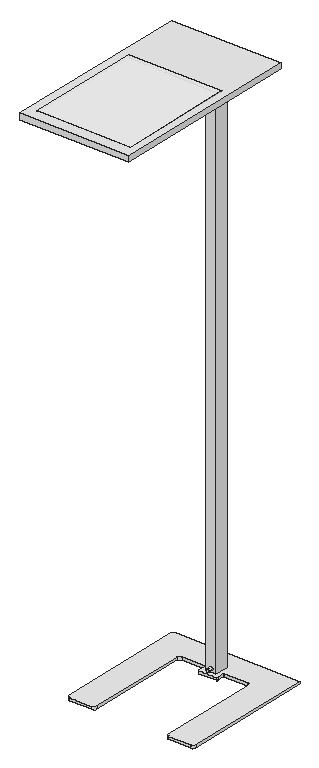
Revit family "0060789 Sylvania Lighting Fixture FREEOFFICE DIRECT INDIRECT 12KLM PIR WHITE UK", category Lighting Fixtures, host Face, Revit 2016
Family settings
  Host = Face
  Part Type = Normal
  Round Connector Dimension = Use Diameter
  OmniClass Number = 23.80.70.11.17
  OmniClass Title = Specialized Lighting by Location or Use
  Cut with Voids When Loaded = No
  Light Source = Yes
  Shared = No
  Room Calculation Point = No
Parameters (values of type "0060789 FREEOFFICE D/I 12 PIR WHITE UK")
  Weight = "22.8 kg"
  Wattage = 93 W
  WarrantyStartDate [instance] = "n/a"
  WarrantyGuarantorParts = "n/a"
  WarrantyDurationUnit = "n/a"
  WarrantyDurationParts = "n/a"
  WarrantyDescription = "n/a"
  built-in parameter 1150110 = 1 (stored number, unit not read)
  Voltage = 230 V
  TypeName = "FREEOFFICE DIRECT/INDIRECT 12KLM PIR WHITE UK"
  built-in parameter 1114217 = 1 (stored number, unit not read)
  Tilt Angle = -90°
  built-in parameter 1150109 = 1 (stored number, unit not read)
  built-in parameter 1150134 = 12
  built-in parameter 1150113 = 1 (stored number, unit not read)
  SerialNumber [instance] = "n/a"
  Radius_FEILO = 165.0 mm
  URL = "http://www.sylvania-lighting.com"
  PowerFactor = 0.96
  PowerConsumption = "93 W"
  Photometric Web File = "0060789.ies"
  PIR_SYL = yes
  NominalWidth = 0.0 mm
  NominalLength = 690.0 mm
  NominalHeight = 2030.0 mm
  Name = "FREEOFFICE DIRECT/INDIRECT 12KLM PIR WHITE UK"
  ModelReference = "FREEOFFICE DIRECT/INDIRECT 12KLM PIR WHITE UK"
  ModelNumber = "0060789"
  Material_3_SYL = Body-Sylvania-FreeOffice-BLK
  Material_2_SYL = Polycarbonate_Sylvania_Sylcircle_Opal
  Material_1_SYL = Body-Sylvania-FreeOffice-WH
  Material = "head and pole : powder coated aluminium. stand: powder coated steel housing, pmma diffuser"
  ManufacturerName = "Feilo Sylvania"
  LuminousEfficacy = "131 lm/W"
  built-in parameter 1150105 = 3688.2 (stored number, unit not read)
  Lumens = 12183 lm
  LuminaireType = ""
  built-in parameter 1150115 = 1 (stored number, unit not read)
  LightOutputRatio = "n/a"
  built-in parameter 1150137 = (empty or 0)
  built-in parameter 1150139 = (empty or 0)
  LampsType = Lamp  # "LED"
  LampNominalLuminous = "12150 lm"
  LampMacAdamStep = "3"
  LampColourTemperature = "4000 K"
  LampColourRenderingIndex = "80"
  built-in parameter 1150112 = 1 (stored number, unit not read)
  built-in parameter 1150114 = 1 (stored number, unit not read)
  Keynote = "16500"
  InstallationDate [instance] = "n/a"
  InputVoltage = "220-240V~"
  InputNominalFrequency = "50/60 Hz"
  built-in parameter 1150132 = (empty or 0)
  built-in parameter 1150102 = (empty or 0)
  built-in parameter 1150107 = 4000 (stored number, unit not read)
  built-in parameter 1150138 = (empty or 0)
  IngressProtection = "IP20"
  ImpactProtectionIndex = "IK02"
  built-in parameter 1150106 = 36.882 (stored number, unit not read)
  IfcExportType = "IfcLightFixtureType"
  IfcExportAs = "IfcLightFixtureType"
  Height_FEILO = 96.0 mm
  ExpectedLife = 50000
  Emit from Rectangle Width = 340.1 mm
  Emit from Rectangle Length = 564.6 mm
  Emit Shape Visible in Rendering = no
  ElectricShockClassification = "Class I"
  built-in parameter 1150104 = 12.17 (stored number, unit not read)
  DurationUnit = "hours"
  DocumentationLiterature = "http://www.sylvania-lighting.com/product/en-int/products/0060789"
  DimmingControlOptions = "Dimmable"
  Dimming Lamp Color Temperature Shift = <None>
  Diameter_FEILO = 2 * Radius_FEILO  # 330.0 mm
  CreatedOn = "12/5/2018"
  CreatedBy = "@sylvania-lighting.com"
  Color Filter = 16777215
  built-in parameter 1114216 [instance] = 1 (stored number, unit not read)
  Model = "FREEOFFICE DIRECT/INDIRECT 12KLM PIR WHITE UK"
  Manufacturer = "Feilo Sylvania"
  Lamp = "LED"
  Description = "FREEOFFICE DIRECT/INDIRECT 12KLM PIR WHITE UK is a highly efficient free-standing floor lamp providing optimal illumination for single and twin workstations. 80% uplight and 20% downlight ratio for ambient and task lighting from a single luminaire. Microprismatic PMMA optics for advanced glare control. White RAL9010 powder coated luminaire body. Aluminium head and pole for high-quality appearance, steel stand for higher stability. Luminaire dimensions: Head: 690x397x25mm, Stand: 480x460x16mm, Pole: 55x35x2030mm. Operated and dimmed with a push button located in the pole at a height suitable to be used with adjustable height desks. Equipped with presence and daylight sensor. Up and downlight dims together. 4000K Neutral White LED, CRI>80, chromaticity tolerance: SDCM<3. Luminous flux: 12150lm. Power consumption 93W. Luminaire efficacy: 131lm/W. Lumen maintenance: L80B50=55000h. UGR<16, Luminance at 65°<3000 cd/m2. IK02, IP20. Photobiological safety risk group 0. Electrical protection: Class I. Glow wire test: 650°C. Supplied with 3m cable with BS 1363 plug."
  Default Elevation = 0.0 mm
  built-in parameter 1140040 [instance] = 1
  BarCode [instance] = "n/a"
  built-in parameter 1114218 = 1 (stored number, unit not read)
  built-in parameter 1150133 = 10 (stored number, unit not read)
  AssetType = "Fixed"
  AssetIdentifier [instance] = "n/a"
  Assembly Code = "D5020200"
  Apparent Load = 93 VA
Reference planes
  plane 1 "Center (Front/Back)": y = 0
  plane 2: z = 0
  plane 3 "Center (Left/Right)": x = 0
  plane 4: z = 2030
  plane 5: x = 230
  plane 6: x = -230
  plane 7: x = 18
  plane 8: x = -18
  plane 9: x = -198.5
  plane 10: x = 198.5
  plane 11: y = 25
  plane 12: y = -25
  plane 13: y = -390.174
  plane 14: y = 89.826
  plane 15: y = -645
  plane 16: y = 44
  plane 17: z = 9
  plane 18: z = 2010
  plane 19: y = -187.327
  plane 20: y = -603.8
  plane 21: x = -170.03
  plane 22: x = 170.03
  plane 23: y = -39.174
  plane 24: z = 2020
  plane 25: x = 130
  plane 26: x = -130
  plane 27: y = -10.174
  plane 28: x = 34
  plane 29: x = -34
  plane 30: y = -39.174
  plane 31: y = -321.487
  plane 32: z = 21
  plane 33: y = -624.4
  plane 34: z = 2009
Forms (mm)
  Extrusion 1, solid, material "Body-Sylvania-FreeOffice-WH" <- "Material_1_SYL"
    sketch origin (-1380.213, -4572, 2010) x (-1, 0, 0) y (0, -1, 0)
      loop
        line (-1181.713, -3927) -> (-1578.713, -3927) -> (-1578.713, -4616) -> (-1181.713, -4616) -> (-1181.713, -3927)
    from 0 to 20
  Extrusion 2, void
    sketch origin (-1380.213, -4572, 2030) x (0, -1, 0) y (-1, 0, 0)
      loop
        line (-4384.673, -1210.183) -> (-4384.673, -1550.243) -> (-3968.2, -1550.243) -> (-3968.2, -1210.183) -> (-4384.673, -1210.183)
    from 0 to 20
  Extrusion 3, void
    sketch origin (-1380.213, -4572, 2010) x (0, -1, 0) y (-1, 0, 0)
      loop
        line (-3968.2, -1210.183) -> (-4532.826, -1210.183) -> (-4532.826, -1550.243) -> (-3968.2, -1550.243) -> (-3968.2, -1210.183)
    from 0 to -10
  Extrusion 4, solid, material "Body-Sylvania-FreeOffice-WH" <- "Material_1_SYL"
    sketch origin (0, 0, 0) x (1, 0, 0) y (0, 1, 0)
      loop
        line (-230, 79.826) -> (-230, -380.174)
        arc (-230, -380.174) -> (-227.071, -387.245) -> (-220, -390.174) r 10
        line (-220, -390.174) -> (-140, -390.174)
        arc (-140, -390.174) -> (-132.929, -387.245) -> (-130, -380.174) r 10
        line (-130, -380.174) -> (-130, -20.174)
        arc (-130, -20.174) -> (-127.071, -13.103) -> (-120, -10.174) r 10
        line (-120, -10.174) -> (-36, -10.174)
        arc (-36, -10.174) -> (-34.586, -10.76) -> (-34, -12.174) r 2
        line (-34, -12.174) -> (-34, -37.174)
        arc (-34, -37.174) -> (-33.414, -38.588) -> (-32, -39.174) r 2
        line (-32, -39.174) -> (32, -39.174)
        arc (32, -39.174) -> (33.414, -38.588) -> (34, -37.174) r 2
        line (34, -37.174) -> (34, -12.174)
        arc (34, -12.174) -> (34.586, -10.76) -> (36, -10.174) r 2
        line (36, -10.174) -> (120, -10.174)
        arc (120, -10.174) -> (127.071, -13.103) -> (130, -20.174) r 10
        line (130, -20.174) -> (130, -380.174)
        arc (130, -380.174) -> (132.929, -387.245) -> (140, -390.174) r 10
        line (140, -390.174) -> (220, -390.174)
        arc (220, -390.174) -> (227.071, -387.245) -> (230, -380.174) r 10
        line (230, -380.174) -> (230, 89.826) -> (-220, 89.826)
        arc (-220, 89.826) -> (-227.071, 86.897) -> (-230, 79.826) r 10
    from 0 to 9
  Extrusion 5, solid, material "Body-Sylvania-FreeOffice-WH" <- "Material_1_SYL"
    sketch origin (645.563, -4597, 9) x (0, -1, 0) y (-1, 0, 0)
      loop
        line (-4622, 663.563) -> (-4622, 627.563) -> (-4572, 627.563) -> (-4572, 663.563) -> (-4622, 663.563)
    from 0 to -2001
  Extrusion 6, solid, material "Body-Sylvania-FreeOffice-WH" <- "Material_1_SYL"
    sketch origin (747.1, -25, 1219.2) x (1, 0, 0) y (0, 0, 1)
      loop
        circle (-747.1, -1198.2) r 5
    from 0 to 14.174
  Extrusion 7, solid, material "Polycarbonate_Sylvania_Sylcircle_Opal" <- "Material_2_SYL"
    sketch origin (-1380.213, -4572, 2030) x (-1, 0, 0) y (0, -1, 0)
      loop
        line (-1550.243, -3968.2) -> (-1550.243, -4384.673) -> (-1210.183, -4384.673) -> (-1210.183, -3968.2) -> (-1550.243, -3968.2)
    from 0 to -10
  Extrusion 8, solid, material "Polycarbonate_Sylvania_Sylcircle_Opal" <- "Material_2_SYL"
    sketch origin (-1380.213, -4572, 2010) x (-1, 0, 0) y (0, -1, 0)
      loop
        line (-1210.183, -4532.826) -> (-1210.183, -3968.2) -> (-1550.243, -3968.2) -> (-1550.243, -4532.826) -> (-1210.183, -4532.826)
    from 0 to 10
  Revolve 9, solid, material "Body-Sylvania-FreeOffice-BLK" <- "Material_3_SYL", visible <- "PIR_SYL"
    sketch origin (747.1, -624.4, 1219.2) x (1, 0, 0) y (0, 0, 1)
      loop
        line (-757.1, 789.8) -> (-754.426, 789.8)
        arc (-754.426, 789.8) -> (-751.007, 787.781) -> (-747.1, 787.079) r 11.221
        line (-747.1, 787.079) -> (-747.1, 790.8) -> (-757.1, 790.8) -> (-757.1, 789.8)
      axis (-747.1, 790.8) -> (-747.1, 787.079)
    angle from 0 to 360
Cuts and joins
  Extrusion 2, Extrusion 3 cuts Extrusion 1
Lines and regions (mm)
  reference lines
    curve 1: circle (0, 0, 21) r 5 normal (0, -1, 0)
    curve 2: circle (0, -624.4, 2010) r 10 normal (0, 0, 1)
Dimensions and locks
  equal spacing: plane 12, plane 1 "Center (Front/Back)", plane 11
  locked: plane 12 to plane 11 at 50
  equal spacing: plane 8, plane 3 "Center (Left/Right)", plane 7
  plane 8 to plane 7 = 36.0 mm
  equal spacing: plane 9, plane 3 "Center (Left/Right)", plane 10
  plane 9 to plane 10 = 397.0 mm
  equal spacing: plane 6, plane 3 "Center (Left/Right)", plane 5
  locked: plane 6 to plane 5 at 460
  locked: plane 4 to plane 2 at 2030
  locked: plane 13 to plane 1 "Center (Front/Back)" at 390.174
  locked: plane 13 to plane 14 at 480
  locked: plane 15 to plane 1 "Center (Front/Back)" at 645
  locked: plane 15 to plane 16 at 689
  locked: plane 17 to plane 2 at 9
  locked: plane 4 to plane 18 at 20
  locked: plane 19 to plane 1 "Center (Front/Back)" at 187.327
  locked: plane 20 to plane 19 at 416.473
  equal spacing: plane 21, plane 3 "Center (Left/Right)", plane 22
  plane 21 to plane 22 = 340.059 mm
  locked: plane 20 to plane 23 at 564.626
  equal spacing: plane 4, plane 24, plane 18
  equal spacing: plane 26, plane 3 "Center (Left/Right)", plane 25
  locked: plane 26 to plane 25 at 260
  locked: plane 27 to plane 14 at 100
  equal spacing: plane 29, plane 3 "Center (Left/Right)", plane 28
  locked: plane 29 to plane 28 at 68
  locked: plane 30 to plane 27 at 29
  equal spacing: plane 20, plane 31, plane 23
  locked: plane 32 to host face at 21
  equal spacing: plane 15, plane 33, plane 20
  locked: Revolve 9 sketch curve to plane 18 at 7.5
  locked: plane 18 to plane 34 at 1
  radius of curve 2 = 10.0 mm
  aligned and locked: plane 2 to host face
  aligned and locked: level to host face
  aligned and locked: plane 15 to Extrusion 1 sketch curve
  aligned and locked: Extrusion 1 sketch curve to plane 9
  aligned and locked: Extrusion 1 sketch curve to plane 16
  aligned and locked: plane 10 to Extrusion 1 sketch curve
  aligned and locked: plane 4 to Extrusion 1
  aligned and locked: Extrusion 1 to plane 18
  aligned and locked: Extrusion 2 sketch curve to plane 19
  aligned and locked: plane 20 to Extrusion 2 sketch curve
  aligned and locked: Extrusion 2 to plane 18
  aligned and locked: plane 4 to Extrusion 2
  aligned and locked: plane 21 to Extrusion 2 sketch curve
  aligned and locked: plane 22 to Extrusion 2 sketch curve
  aligned and locked: Extrusion 3 sketch curve to cut or joined group of Extrusion 1, Extrusion 2, Extrusion 3  (x2)
  aligned and locked: plane 23 to Extrusion 3 sketch curve
  aligned and locked: plane 22 to Extrusion 3 sketch curve
  aligned and locked: Extrusion 3 to plane 18
  aligned and locked: plane 24 to Extrusion 3
  aligned and locked: Extrusion 4 sketch curve to plane 14
  aligned and locked: Extrusion 4 sketch curve to plane 6
  aligned and locked: plane 13 to Extrusion 4 sketch curve  (x2)
  aligned and locked: Extrusion 4 sketch curve to plane 26
  aligned and locked: Extrusion 4 sketch curve to plane 25
  aligned and locked: plane 5 to Extrusion 4 sketch curve
  aligned and locked: plane 29 to Extrusion 4 sketch curve
  aligned and locked: plane 30 to Extrusion 4 sketch curve
  aligned and locked: Extrusion 4 sketch curve to plane 28
  aligned and locked: Extrusion 4 sketch curve to plane 27
  aligned and locked: Extrusion 4 to plane 17
  aligned and locked: Extrusion 4 to level
  aligned and locked: Extrusion 5 sketch curve to plane 8
  aligned and locked: plane 7 to Extrusion 5 sketch curve
  aligned and locked: plane 18 to Extrusion 5
  aligned and locked: plane 11 to Extrusion 5 sketch curve
  aligned and locked: Extrusion 5 sketch curve to plane 12
  aligned and locked: plane 24 to imposter light
  aligned and locked: imposter light to plane 3 "Center (Left/Right)"
  aligned and locked: imposter light to plane 31
  aligned and locked: Extrusion 6 sketch curve to curve 1
  aligned and locked: Extrusion 6 to plane 12
  aligned and locked: Extrusion 6 to cut or joined group of Extrusion 1, Extrusion 2, Extrusion 3
  aligned and locked: Extrusion 7 sketch curve to cut or joined group of Extrusion 1, Extrusion 2, Extrusion 3  (x4)
  aligned and locked: Extrusion 7 to plane 4
  aligned and locked: Extrusion 7 to cut or joined group of Extrusion 1, Extrusion 2, Extrusion 3
  aligned and locked: Extrusion 8 sketch curve to cut or joined group of Extrusion 1, Extrusion 2, Extrusion 3  (x4)
  aligned and locked: Extrusion 8 to cut or joined group of Extrusion 1, Extrusion 2, Extrusion 3
  aligned and locked: Extrusion 8 to plane 18
  aligned and locked: plane 3 "Center (Left/Right)" to curve 2
  aligned and locked: plane 33 to curve 2
  aligned and locked: plane 3 "Center (Left/Right)" to Revolve 9 sketch curve  (x2)
  aligned and locked: Revolve 9 sketch curve to plane 3 "Center (Left/Right)"
  aligned and locked: Revolve 9 sketch curve to plane 34
Automatic sketch dimensions
  host sketch curve to host sketch curve = 1305.563 mm
  host sketch curve to host sketch curve = 1283.632 mm
  plane 27 to Extrusion 4 sketch curve = 0.0 mm
  plane 6 to Extrusion 4 sketch curve = 10.0 mm  (x2)
  Extrusion 4 sketch curve to plane 13 = 10.0 mm
  Extrusion 4 sketch curve to plane 26 = 10.0 mm
  Extrusion 4 sketch curve to Extrusion 4 sketch curve = 2.0 mm
  plane 29 to Extrusion 4 sketch curve = 2.0 mm
  Extrusion 4 sketch curve to plane 28 = 2.0 mm
  plane 28 to Extrusion 4 sketch curve = 2.0 mm
  Extrusion 4 sketch curve to plane 25 = 10.0 mm
  Extrusion 4 sketch curve to Extrusion 4 sketch curve = 10.0 mm
  Extrusion 4 sketch curve to plane 5 = 10.0 mm
  curve 1 to plane 3 "Center (Left/Right)" = 0.0 mm
  curve 1 to plane 32 = 0.0 mm
  Revolve 9 sketch curve to plane 18 = 0.0 mm
  Revolve 9 sketch curve to plane 3 "Center (Left/Right)" = 7.326 mm
  Revolve 9 sketch curve to Revolve 9 sketch curve = 2.674 mm
  Revolve 9 sketch curve to level = 94.652 mm
  plane 4 to Revolve 9 sketch curve = 432.257 mm
  radius of curve 1 = 5.0 mm
Connectors
  electrical at (0, -39.174, 21), driven by "PowerFactor", driven by "Voltage", driven by "Apparent Load", driven by "Apparent Load"
    settings: on Extrusion 6, index 1, voltage 230 V, apparent load 93 VA, apparent load phase1 93 VA, apparent load phase2 0 VA, apparent load phase3 0 VA, power factor 0.96, load classification "Other", number of poles 1, system type 30, power factor state 1, is connector primary yes, connector utility no, sub classification motor no, connector description ""
